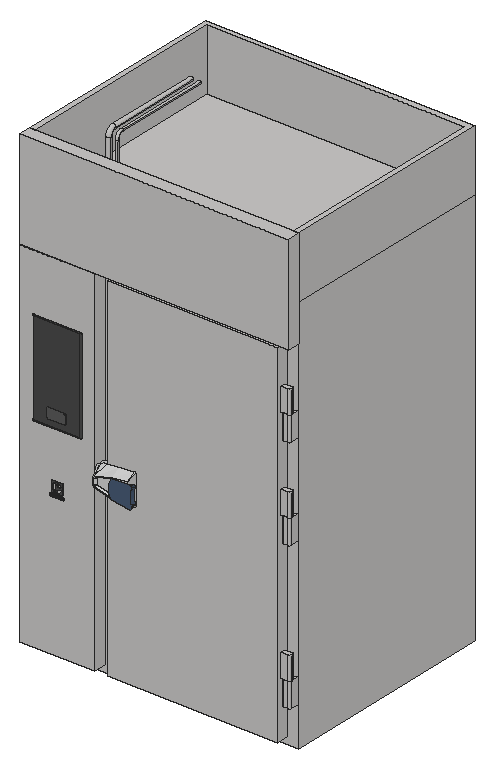
Revit family "QF_ELECTROLUXPROFESSIONAL_727755_EBFA22RE", category Specialty Equipment, Revit 2018
Family settings
  Round Connector Dimension = Use Radius
  Part Type = Normal
  Work Plane-Based = No
  Always vertical = Yes
  Cut with Voids When Loaded = No
  Shared = Yes
  Room Calculation Point = No
Parameters
  Weight = 0.00 kg
  Watts = 0 W
  Volts = 380 V
  URL Manufacturer = "http://professional.electrolux.com"
  URL = "http://professional.electrolux.com"
  Steam Supply Size = 0"
  Steam Supply Minimum Pressure = 0.00 psi
  Steam Supply Maximum Pressure = 0.00 psi
  Steam Pounds per Hour = 0
  Show Logo [instance] = yes
  Refrigeration Suction Line Size = 0"
  Refrigeration Liquid Line Size = 0"
  Refrigerant Compressor Remote = yes
  Phase = 3
  Model = "EBFA22RE"
  Manufacturer = "Electrolux"
  Length Actual = 1400 mm  # constant formula
  Item Number = "727755"
  Hot Water Size = 0"
  Height Actual = 2270 mm  # constant formula
  HP = "8.6 HP"
  Gas Size = 0"
  Gas KW = 0
  Gas Input Pressure = 0.0 Btu/h
  Direct Waste Size = 3/4"
  Description = "SKYLINE CHILLS BLAST CHILLER FREEZER 200/170KG 20 GN 2/1 - ROLL-IN - REMOTE REFRIGERATING UNIT"
  Depth Actual = 1266 mm  # constant formula
  Cycle = 60 Hz
  Condensate Return Size = 0"
  Compressed Air Volume = 0 GPM
  Compressed Air Size = 0"
  Compressed Air Pressure = 0.00 psi
  Cold Water Size = 0"
  Assembly Code = ""
  Show Clearance [instance] = yes
  Accessory = yes
Reference planes
  plane 1 "BACK": y = 1
  plane 2: z = 0
  plane 3 "LEFT": x = 0
  plane 4 "RIGHT": x = 1400
  plane 5 "FRONT": y = -1205
  plane 6 "TOP": z = 2400
  plane 7 "Center Y": x = 700
  plane 8: y = -2155
  plane 9: y = -602
Forms (mm)
  Extrusion 1, solid, material "QF_Clearance", visible <- "Show Clearance", detail levels coarse
    sketch origin (0, 0, -70) x (1, 0, 0) y (0, 1, 0)
      loop
        line (0, -1205) -> (0, 1) -> (1400, 1) -> (1400, -1205) -> (1500, -1205) -> (1500, 101) -> (-100, 101) -> (-100, -1205) -> (0, -1205)
    from 70 to 2670
  Extrusion 2, solid, material "QF_Finishes_Stainless Steel"
    sketch origin (349.253, 33, 630.991) x (-1, 0, 0) y (0, -1, 0)
      loop
        line (349.253, 1172.759) -> (349.253, 1238) -> (-39.747, 1238) -> (-39.747, 1172.759) -> (349.253, 1172.759)
    from -597 to 1254
  Extrusion 3, solid, material "QF_Finishes_Stainless Steel"
    sketch origin (596.16, 27.971, -70) x (1, 0, 0) y (0, 1, 0)
      loop
        line (743.84, -1172.971) -> (-141.16, -1172.971) -> (-141.16, -1232.971) -> (743.84, -1232.971) -> (743.84, -1172.971)
    from 103.991 to 1945.25
  Extrusion 4, solid, material "QF_Door-Drawer Clearances", visible <- "Show Clearance", detail levels coarse
    sketch origin (875, -72.029, -91.802) x (-1, 0, 0) y (0, -1, 0)
      loop
        line (-465, 2025.971) -> (-465, 1132.971) -> (420, 1132.971)
        arc (420, 1132.971) -> (153.836, 1754.227) -> (-465, 2025.971) r 920
    from 125.793 to 1967.052
  Extrusion 5, solid, material "QF_Finishes_Stainless Steel"
    sketch origin (0, -1139.759, 0) x (0, 1, 0) y (-1, 0, 0)
      loop
        line (1140.759, 0) -> (0.759, 0) -> (0.759, -1400) -> (1140.759, -1400) -> (1140.759, 0)
    from 0 to 2080
  Extrusion 6, solid, material "QF_Finishes_Stainless Steel"
    sketch origin (0, 0, -70) x (0, 1, 0) y (0, 0, 1)
      loop
        line (-1139, 2470) -> (-1205, 2470) -> (-1205, 1956) -> (-1139, 1956) -> (-1139, 2470)
    from 0 to 1400
  Extrusion 7, solid, material "QF_Finishes_Stainless Steel"
    sketch origin (0, -1139.759, 2080) x (0, 1, 0) y (-1, 0, 0)
      loop
        line (1140.759, 0) -> (0.759, 0) -> (0.759, -27.807) -> (1112.952, -27.807) -> (1112.952, -1372.193) -> (0.759, -1372.193) -> (0.759, -1400) -> (1140.759, -1400) -> (1140.759, 0)
    from 0 to 320
  Extrusion 8, solid, material "QF_Clearance", visible <- "Show Clearance", detail levels coarse
    sketch origin (0, 0, 2400) x (-1, 0, 0) y (0, -1, 0)
      loop
        line (0, 1205) -> (-1400, 1205) -> (-1400, -1) -> (0, -1) -> (0, 1205)
    from 0 to 200
  Extrusion 9, solid, material "QF_Finishes_Stainless Steel"
    sketch origin (-390.239, -0.977, 1172.559) x (1, 0, 0) y (0, 1, 0)
      loop
        line (1730.239, -1159.557) -> (1730.239, -1186.759) -> (1771.078, -1186.759)
        arc (1771.078, -1186.759) -> (1778.149, -1183.83) -> (1781.078, -1176.759) r 10
        line (1781.078, -1176.759) -> (1781.078, -1169.557)
        arc (1781.078, -1169.557) -> (1778.149, -1162.486) -> (1771.078, -1159.557) r 10
        line (1771.078, -1159.557) -> (1730.239, -1159.557)
    from 398 to 516
  Extrusion 10, solid, material "QF_Finishes_Stainless Steel"
    sketch origin (-388.989, -0.977, 1172.559) x (1, 0, 0) y (0, 1, 0)
      loop
        line (1779.828, -1138.023) -> (1738.215, -1138.023) -> (1738.215, -1176.759)
        arc (1738.215, -1176.759) -> (1741.143, -1183.83) -> (1748.215, -1186.759) r 10
        line (1748.215, -1186.759) -> (1769.828, -1186.759)
        arc (1769.828, -1186.759) -> (1776.899, -1183.83) -> (1779.828, -1176.759) r 10
        line (1779.828, -1176.759) -> (1779.828, -1138.023)
    from 269 to 396
  Extrusion 11, solid, material "QF_Finishes_Handrails and Railings"
    sketch origin (0, -1205, -139.705) x (-1, 0, 0) y (0, 0, 1)
      loop
        arc (-455, 1022.346) -> (-433.392, 1027.289) -> (-413, 1035.976) r 124.815
        arc (-413, 1035.976) -> (-402.037, 1046.425) -> (-398, 1061.023) r 28.412
        line (-398, 1061.023) -> (-398, 1124.287)
        arc (-398, 1124.287) -> (-402.037, 1138.885) -> (-413, 1149.334) r 28.412
        arc (-413, 1149.334) -> (-433.392, 1158.021) -> (-455, 1162.964) r 124.815
        line (-455, 1162.964) -> (-455, 1022.346)
    from 0 to 25
  Extrusion 12, solid, material "QF_Finishes_Stainless Steel"
    sketch origin (0, 1, -70) x (1, 0, 0) y (0, 0, 1)
      loop
        circle (50.191, 2279.706) r 10
    from -2 to 0
  Extrusion 13, solid
    sketch origin (0, 0, -70) x (1, 0, 0) y (0, 1, 0)
      loop
        circle (271, -895) r 12.7
    from 180 to 190
  Sweep 14, solid, material "QF_Finishes_Stainless Steel"
    path in 3D
      loop
        line (196, -872.727, 2090) -> (196, -872.727, 2314.785)
        arc (196, -872.727, 2314.785) -> (196, -863.94, 2335.999) -> (196, -842.727, 2344.785) r 30
        line (196, -842.727, 2344.785) -> (196, -337, 2344.785)
    profile origin (196, -589.864, 2344.785) x (-1, 0, 0) y (0, 0, 1)
      loop
        circle (0, -0.785) r 11
  Sweep 15, solid, material "QF_Finishes_Stainless Steel"
    path in 3D
      loop
        line (239, -337, 2344) -> (239, -842.727, 2344)
        arc (239, -842.727, 2344) -> (239, -863.94, 2335.213) -> (239, -872.727, 2314) r 30
        line (239, -872.727, 2314) -> (239, -872.727, 2090)
    profile origin (239, -589.864, 2344) x (1, 0, 0) y (0, 0, 1)
      loop
        circle (0, 0) r 6
  Extrusion 16, solid, material "QF_Finishes_Stainless Steel"
    sketch origin (0, -1139.759, 2080) x (0, 1, 0) y (-1, 0, 0)
      loop
        line (272.791, -163.68) -> (262.791, -163.68)
        arc (262.791, -163.68) -> (252.185, -168.074) -> (247.791, -178.68) r 15
        line (247.791, -178.68) -> (247.791, -270.358)
        arc (247.791, -270.358) -> (252.185, -280.965) -> (262.791, -285.358) r 15
        line (262.791, -285.358) -> (272.791, -285.358)
        arc (272.791, -285.358) -> (283.398, -280.965) -> (287.791, -270.358) r 15
        line (287.791, -270.358) -> (287.791, -178.68)
        arc (287.791, -178.68) -> (283.398, -168.074) -> (272.791, -163.68) r 15
    from 0 to 10
  Blend 17, solid, material "QF_Finishes_Handrails and Railings"
    base sketch origin (0, -1205, -139.705) x (1, 0, 0) y (0, 0, 1)
      loop
        arc (455, 1162.964) -> (433.392, 1158.021) -> (413, 1149.334) r 124.815
        arc (413, 1149.334) -> (402.037, 1138.885) -> (398, 1124.287) r 28.412
        line (398, 1124.287) -> (398, 1061.023)
        arc (398, 1061.023) -> (402.037, 1046.425) -> (413, 1035.976) r 28.412
        arc (413, 1035.976) -> (433.392, 1027.289) -> (455, 1022.346) r 124.815
        arc (455, 1022.346) -> (524.77, 1014.896) -> (594.859, 1011.587) r 1185.63
        arc (594.859, 1011.587) -> (600.607, 1013.879) -> (603, 1019.586) r 8
        line (603, 1019.586) -> (603, 1165.724)
        arc (603, 1165.724) -> (600.607, 1171.431) -> (594.859, 1173.723) r 8
        arc (594.859, 1173.723) -> (524.77, 1170.414) -> (455, 1162.964) r 1185.63
    top sketch origin (0, -1205, -139.705) x (1, 0, 0) y (0, 0, 1)
      loop
        line (421, 1108.337) -> (421, 1076.973)
        arc (421, 1076.973) -> (423.295, 1069.915) -> (429.302, 1065.557) r 12
        arc (429.302, 1065.557) -> (515.086, 1044.22) -> (603, 1034.974) r 636.459
        line (603, 1034.974) -> (603, 1150.336)
        arc (603, 1150.336) -> (515.086, 1141.09) -> (429.302, 1119.753) r 636.459
        arc (429.302, 1119.753) -> (423.295, 1115.395) -> (421, 1108.337) r 12
    from 0 to 50
  Blend 18, void
    base sketch origin (0, -1255, -139.705) x (-1, 0, 0) y (0, 0, 1)
      loop
        arc (-430.843, 1114.996) -> (-515.866, 1136.151) -> (-603, 1145.333) r 631.459
        line (-603, 1145.333) -> (-603, 1039.977)
        arc (-603, 1039.977) -> (-515.866, 1049.159) -> (-430.843, 1070.314) r 631.459
        arc (-430.843, 1070.314) -> (-427.339, 1072.856) -> (-426, 1076.973) r 7
        line (-426, 1076.973) -> (-426, 1108.337)
        arc (-426, 1108.337) -> (-427.339, 1112.454) -> (-430.843, 1114.996) r 7
    top sketch origin (0, -1255, -139.705) x (-1, 0, 0) y (0, 0, 1)
      loop
        arc (-432.384, 1110.24) -> (-516.647, 1131.211) -> (-603, 1140.33) r 626.459
        line (-603, 1140.33) -> (-603, 1044.98)
        arc (-603, 1044.98) -> (-516.647, 1054.099) -> (-432.384, 1075.07) r 626.459
        arc (-432.384, 1075.07) -> (-431.382, 1075.797) -> (-431, 1076.973) r 2
        line (-431, 1076.973) -> (-431, 1108.337)
        arc (-431, 1108.337) -> (-431.382, 1109.513) -> (-432.384, 1110.24) r 2
    from 0 to 10
  Blend 19, solid, material "QF_Finishes_Electrolux_Blue"
    base sketch origin (0, -1245, -139.705) x (1, 0, 0) y (0, 0, 1)
      loop
        arc (628.567, 1043.419) -> (622.014, 1092.655) -> (628.567, 1141.89) r 188.232
        arc (628.567, 1141.89) -> (627.358, 1147.991) -> (621.77, 1150.721) r 7
        arc (621.77, 1150.721) -> (572.304, 1148.509) -> (523.16, 1142.458) r 636.459
        arc (523.16, 1142.458) -> (507.711, 1092.655) -> (523.16, 1042.852) r 88
        arc (523.16, 1042.852) -> (572.304, 1036.801) -> (621.77, 1034.589) r 636.459
        arc (621.77, 1034.589) -> (627.358, 1037.319) -> (628.567, 1043.419) r 7
    top sketch origin (0, -1245, -139.705) x (1, 0, 0) y (0, 0, 1)
      loop
        arc (626.748, 1050.703) -> (622.014, 1092.655) -> (626.748, 1134.607) r 188.232
        arc (626.748, 1134.607) -> (625.775, 1138.85) -> (621.845, 1140.722) r 5
        arc (621.845, 1140.722) -> (569.023, 1138.185) -> (516.603, 1131.203) r 626.459
        arc (516.603, 1131.203) -> (507.711, 1092.655) -> (516.603, 1054.107) r 88
        arc (516.603, 1054.107) -> (569.023, 1047.124) -> (621.845, 1044.588) r 626.459
        arc (621.845, 1044.588) -> (625.775, 1046.46) -> (626.748, 1050.703) r 5
    from 20 to 0
  Extrusion 20, solid, material "QF_Finishes_Stainless Steel"
    sketch origin (-390.239, -0.977, 692.559) x (1, 0, 0) y (0, 1, 0)
      loop
        line (1730.239, -1159.557) -> (1730.239, -1186.759) -> (1771.078, -1186.759)
        arc (1771.078, -1186.759) -> (1778.149, -1183.83) -> (1781.078, -1176.759) r 10
        line (1781.078, -1176.759) -> (1781.078, -1169.557)
        arc (1781.078, -1169.557) -> (1778.149, -1162.486) -> (1771.078, -1159.557) r 10
        line (1771.078, -1159.557) -> (1730.239, -1159.557)
    from 398 to 516
  Extrusion 21, solid, material "QF_Finishes_Stainless Steel"
    sketch origin (-388.989, -0.977, 692.559) x (1, 0, 0) y (0, 1, 0)
      loop
        line (1779.828, -1138.023) -> (1738.215, -1138.023) -> (1738.215, -1176.759)
        arc (1738.215, -1176.759) -> (1741.143, -1183.83) -> (1748.215, -1186.759) r 10
        line (1748.215, -1186.759) -> (1769.828, -1186.759)
        arc (1769.828, -1186.759) -> (1776.899, -1183.83) -> (1779.828, -1176.759) r 10
        line (1779.828, -1176.759) -> (1779.828, -1138.023)
    from 269 to 396
  Extrusion 22, solid, material "QF_Finishes_Stainless Steel"
    sketch origin (-390.239, -0.977, -67.441) x (1, 0, 0) y (0, 1, 0)
      loop
        line (1730.239, -1159.557) -> (1730.239, -1186.759) -> (1771.078, -1186.759)
        arc (1771.078, -1186.759) -> (1778.149, -1183.83) -> (1781.078, -1176.759) r 10
        line (1781.078, -1176.759) -> (1781.078, -1169.557)
        arc (1781.078, -1169.557) -> (1778.149, -1162.486) -> (1771.078, -1159.557) r 10
        line (1771.078, -1159.557) -> (1730.239, -1159.557)
    from 398 to 516
  Extrusion 23, solid, material "QF_Finishes_Stainless Steel"
    sketch origin (-388.989, -0.977, -67.441) x (1, 0, 0) y (0, 1, 0)
      loop
        line (1779.828, -1138.023) -> (1738.215, -1138.023) -> (1738.215, -1176.759)
        arc (1738.215, -1176.759) -> (1741.143, -1183.83) -> (1748.215, -1186.759) r 10
        line (1748.215, -1186.759) -> (1769.828, -1186.759)
        arc (1769.828, -1186.759) -> (1776.899, -1183.83) -> (1779.828, -1176.759) r 10
        line (1779.828, -1176.759) -> (1779.828, -1138.023)
    from 269 to 396
  Extrusion 24, solid, material "QF_Door-Drawer Clearances", visible <- "Show Clearance", detail levels coarse
    sketch origin (167.029, -1956.84, -70) x (0, 1, 0) y (-1, 0, 0)
      loop
        line (751.84, -1172.971) -> (-141.16, -1172.971) -> (-141.16, -1232.971) -> (751.84, -1232.971) -> (751.84, -1172.971)
    from 103.991 to 1945.25
  Extrusion 25, solid, material "QF_Door-Drawer Clearances", visible <- "Show Clearance", detail levels coarse
    sketch origin (1400, -2553, -139.705) x (0, -1, 0) y (0, 0, 1)
      loop
        arc (-455, 1022.346) -> (-433.392, 1027.289) -> (-413, 1035.976) r 124.815
        arc (-413, 1035.976) -> (-402.037, 1046.425) -> (-398, 1061.023) r 28.412
        line (-398, 1061.023) -> (-398, 1124.287)
        arc (-398, 1124.287) -> (-402.037, 1138.885) -> (-413, 1149.334) r 28.412
        arc (-413, 1149.334) -> (-433.392, 1158.021) -> (-455, 1162.964) r 124.815
        line (-455, 1162.964) -> (-455, 1022.346)
    from 0 to 25
  Blend 26, solid, material "QF_Door-Drawer Clearances", visible <- "Show Clearance", detail levels coarse
    base sketch origin (1400, -2553, -139.705) x (0, 1, 0) y (0, 0, 1)
      loop
        arc (455, 1162.964) -> (433.392, 1158.021) -> (413, 1149.334) r 124.815
        arc (413, 1149.334) -> (402.037, 1138.885) -> (398, 1124.287) r 28.412
        line (398, 1124.287) -> (398, 1061.023)
        arc (398, 1061.023) -> (402.037, 1046.425) -> (413, 1035.976) r 28.412
        arc (413, 1035.976) -> (433.392, 1027.289) -> (455, 1022.346) r 124.815
        arc (455, 1022.346) -> (524.77, 1014.896) -> (594.859, 1011.587) r 1185.63
        arc (594.859, 1011.587) -> (600.607, 1013.879) -> (603, 1019.586) r 8
        line (603, 1019.586) -> (603, 1165.724)
        arc (603, 1165.724) -> (600.607, 1171.431) -> (594.859, 1173.723) r 8
        arc (594.859, 1173.723) -> (524.77, 1170.414) -> (455, 1162.964) r 1185.63
    top sketch origin (1400, -2553, -139.705) x (0, 1, 0) y (0, 0, 1)
      loop
        line (421, 1108.337) -> (421, 1076.973)
        arc (421, 1076.973) -> (423.295, 1069.915) -> (429.302, 1065.557) r 12
        arc (429.302, 1065.557) -> (515.086, 1044.22) -> (603, 1034.974) r 636.459
        line (603, 1034.974) -> (603, 1150.336)
        arc (603, 1150.336) -> (515.086, 1141.09) -> (429.302, 1119.753) r 636.459
        arc (429.302, 1119.753) -> (423.295, 1115.395) -> (421, 1108.337) r 12
    from 0 to 50
  Blend 27, void
    base sketch origin (1450, -2553, -139.705) x (0, -1, 0) y (0, 0, 1)
      loop
        arc (-430.843, 1114.996) -> (-515.866, 1136.151) -> (-603, 1145.333) r 631.459
        line (-603, 1145.333) -> (-603, 1039.977)
        arc (-603, 1039.977) -> (-515.866, 1049.159) -> (-430.843, 1070.314) r 631.459
        arc (-430.843, 1070.314) -> (-427.339, 1072.856) -> (-426, 1076.973) r 7
        line (-426, 1076.973) -> (-426, 1108.337)
        arc (-426, 1108.337) -> (-427.339, 1112.454) -> (-430.843, 1114.996) r 7
    top sketch origin (1450, -2553, -139.705) x (0, -1, 0) y (0, 0, 1)
      loop
        arc (-432.384, 1110.24) -> (-516.647, 1131.211) -> (-603, 1140.33) r 626.459
        line (-603, 1140.33) -> (-603, 1044.98)
        arc (-603, 1044.98) -> (-516.647, 1054.099) -> (-432.384, 1075.07) r 626.459
        arc (-432.384, 1075.07) -> (-431.382, 1075.797) -> (-431, 1076.973) r 2
        line (-431, 1076.973) -> (-431, 1108.337)
        arc (-431, 1108.337) -> (-431.382, 1109.513) -> (-432.384, 1110.24) r 2
    from 0 to 10
  Blend 28, solid, material "QF_Door-Drawer Clearances", visible <- "Show Clearance", detail levels coarse
    base sketch origin (1440, -2553, -139.705) x (0, 1, 0) y (0, 0, 1)
      loop
        arc (628.567, 1043.419) -> (622.014, 1092.655) -> (628.567, 1141.89) r 188.232
        arc (628.567, 1141.89) -> (627.358, 1147.991) -> (621.77, 1150.721) r 7
        arc (621.77, 1150.721) -> (572.304, 1148.509) -> (523.16, 1142.458) r 636.459
        arc (523.16, 1142.458) -> (507.711, 1092.655) -> (523.16, 1042.852) r 88
        arc (523.16, 1042.852) -> (572.304, 1036.801) -> (621.77, 1034.589) r 636.459
        arc (621.77, 1034.589) -> (627.358, 1037.319) -> (628.567, 1043.419) r 7
    top sketch origin (1440, -2553, -139.705) x (0, 1, 0) y (0, 0, 1)
      loop
        arc (626.748, 1050.703) -> (622.014, 1092.655) -> (626.748, 1134.607) r 188.232
        arc (626.748, 1134.607) -> (625.775, 1138.85) -> (621.845, 1140.722) r 5
        arc (621.845, 1140.722) -> (569.023, 1138.185) -> (516.603, 1131.203) r 626.459
        arc (516.603, 1131.203) -> (507.711, 1092.655) -> (516.603, 1054.107) r 88
        arc (516.603, 1054.107) -> (569.023, 1047.124) -> (621.845, 1044.588) r 626.459
        arc (621.845, 1044.588) -> (625.775, 1046.46) -> (626.748, 1050.703) r 5
    from 20 to -1
Cuts and joins
  Blend 18 cuts Blend 17
  joined: Extrusion 11, Blend 17
  Blend 18 cuts Extrusion 4
  Blend 27 cuts Blend 26
  Blend 27 cuts Blend 28
  joined: Extrusion 4, Extrusion 24, Extrusion 25, Blend 26, Blend 28
  joined: Extrusion 7, Extrusion 12
  joined: Extrusion 5, Extrusion 10, Sweep 14, Sweep 15, Extrusion 16, Extrusion 21, Extrusion 23
  joined: Extrusion 3, Extrusion 9, Extrusion 20, Extrusion 22
  joined: Extrusion 1, Extrusion 8
Lines and regions (mm)
  symbolic lines, style "QF-Clearances", visible <- "Show Clearance", detail levels coarse
    curve 1: line (-100, -1204.241, 70) -> (-100, 101, 70)
    curve 2: line (-100, 101, 70) -> (1500, 101, 70)
    curve 3: line (1500, 101, 70) -> (1500, -1204.241, 70)
  symbolic lines
    curve 4: line (185, -336.968, 70) -> (207, -336.968, 70)
    curve 5: line (207, -336.968, 70) -> (207, -871.942, 70)
    curve 6: line (233, -872.727, 70) -> (233, -337, 70)
    curve 7: line (233, -337, 70) -> (245, -337, 70)
    curve 8: line (245, -337, 70) -> (245, -872.727, 70)
    curve 9: line (245, -851.968, 70) -> (270.358, -851.968, 70)
    curve 10: arc (285.358, -866.968, 70) -> (280.965, -856.361, 70) -> (270.358, -851.968, 70) r 15
    curve 11: line (285.358, -876.968, 70) -> (285.358, -866.968, 70)
    curve 12: arc (270.358, -891.968, 70) -> (280.965, -887.575, 70) -> (285.358, -876.968, 70) r 15
    curve 13: line (178.68, -891.968, 70) -> (270.358, -891.968, 70)
    curve 14: arc (163.68, -876.968, 70) -> (168.074, -887.575, 70) -> (178.68, -891.968, 70) r 15
    curve 15: line (163.68, -866.968, 70) -> (163.68, -876.968, 70)
    curve 16: arc (178.68, -851.968, 70) -> (168.074, -856.361, 70) -> (163.68, -866.968, 70) r 15
    curve 17: arc (207, -871.942, 70) -> (196, -882.942, 70) -> (185, -871.942, 70) r 11
    curve 18: arc (233, -872.727, 70) -> (239, -878.727, 70) -> (245, -872.727, 70) r 6
    curve 19: line (178.68, -851.968, 70) -> (185, -851.968, 70)
    curve 20: line (185, -336.968, 70) -> (185, -871.942, 70)
    curve 21: line (207, -851.968, 70) -> (233, -851.968, 70)
    curve 22: line (0, 1, 70) -> (1400, 1, 70)
    curve 23: line (0, -1205, 70) -> (0, 1, 70)
    curve 24: line (1400, -1205, 70) -> (0, -1205, 70)
    curve 25: line (1400, 1, 70) -> (1400, -1205, 70)
    curve 26: line (27.807, -26.807, 70) -> (1372.193, -26.807, 70)
    curve 27: line (27.807, -1139, 70) -> (27.807, -26.807, 70)
    curve 28: line (1400, -1139, 70) -> (0, -1139, 70)
    curve 29: line (1372.193, -26.807, 70) -> (1372.193, -1139, 70)
    curve 30: line (75.5, -1210, 70) -> (313.5, -1210, 70)
    curve 31: line (75.5, -1210, 70) -> (67.5, -1205, 70)
    curve 32: line (313.5, -1210, 70) -> (321.5, -1205, 70)
    curve 33: line (421, -1255, 70) -> (398, -1205, 70)
    curve 34: line (421, -1255, 70) -> (603, -1255, 70)
    curve 35: line (603, -1255, 70) -> (603, -1205, 70)
    curve 36: line (603, -1245, 70) -> (626.748, -1245, 70)
    curve 37: line (626.748, -1245, 70) -> (628.811, -1265, 70)
    curve 38: line (628.811, -1265, 70) -> (507.711, -1265, 70)
    curve 39: line (507.711, -1265, 70) -> (507.711, -1255, 70)
  symbolic lines, style "QF_Door-Drawer Clearances", visible <- "Show Clearance"
    curve 40: line (1450, -2132, 70) -> (1400, -2155, 70)
    curve 41: line (1450, -2132, 70) -> (1450, -1950, 70)
    curve 42: line (1450, -1950, 70) -> (1400, -1950, 70)
    curve 43: line (1439, -1950, 70) -> (1439, -1926.126, 70)
    curve 44: line (1439, -1926.126, 70) -> (1460, -1924.189, 70)
    curve 45: line (1460, -1924.189, 70) -> (1460, -2045.289, 70)
    curve 46: line (1460, -2045.289, 70) -> (1450, -2045.289, 70)
    curve 47: line (1375, -2098, 70) -> (1375, -2155, 70)
    curve 48: line (1340, -2098, 70) -> (1400, -2098, 70)
    curve 49: arc (457.796, -1255, 70) -> (739.031, -1843.801, 70) -> (1340, -2098, 70) r 920
    curve 50: line (1400, -2155, 70) -> (1375, -2155, 70)
    curve 51: line (1400, -2098, 70) -> (1400, -1205, 70)
    curve 58: line (1340, -2098, 70) -> (1340, -1205, 70)
  sketch lines
    curve 52: line (196, -842.727, 2344.785) -> (196, -337, 2344.785)
    curve 53: arc (196, -872.727, 2314.785) -> (196, -863.94, 2335.999) -> (196, -842.727, 2344.785) r 30
    curve 54: line (196, -872.727, 2090) -> (196, -872.727, 2314.785)
    curve 55: line (239, -337, 2344) -> (239, -842.727, 2344)
    curve 56: arc (239, -842.727, 2344) -> (239, -863.94, 2335.213) -> (239, -872.727, 2314) r 30
    curve 57: line (239, -872.727, 2314) -> (239, -872.727, 2090)
Dimensions and locks
  plane 5 "FRONT" to plane 1 "BACK" = 1206 mm
  plane 6 "TOP" to level = 2400 mm
  plane 4 "RIGHT" to plane 3 "LEFT" = 1400 mm
  plane 3 "LEFT" to plane 4 "RIGHT" = 1400 mm
  equal spacing: plane 3 "LEFT", plane 7 "Center Y", plane 4 "RIGHT"
  plane 1 "BACK" to plane 5 "FRONT" = 1206 mm
  aligned and locked: level to plane 2
Automatic sketch dimensions
  plane 5 "FRONT" to Extrusion 1 sketch curve = 0 mm  (x2)
  Extrusion 1 sketch curve to plane 3 "LEFT" = 0 mm
  plane 1 "BACK" to Extrusion 1 sketch curve = 0 mm
  Extrusion 1 sketch curve to plane 4 "RIGHT" = 0 mm
  Extrusion 1 sketch curve to plane 3 "LEFT" = 100 mm
  plane 4 "RIGHT" to Extrusion 1 sketch curve = 100 mm
  Extrusion 1 sketch curve to plane 1 "BACK" = 100 mm
  plane 5 "FRONT" to Extrusion 2 sketch curve = 0 mm
  Extrusion 2 sketch curve to plane 3 "LEFT" = 0 mm
  Extrusion 2 sketch curve to plane 5 "FRONT" = 65.241 mm
  plane 5 "FRONT" to Extrusion 3 sketch curve = 0 mm
  Extrusion 3 sketch curve to plane 5 "FRONT" = 60 mm
  Extrusion 3 sketch curve to plane 4 "RIGHT" = 60 mm
  plane 5 "FRONT" to Extrusion 4 sketch curve = 0 mm
  Extrusion 4 sketch curve to plane 4 "RIGHT" = 25.377 mm
  Extrusion 4 sketch curve to Extrusion 4 sketch curve = 34.623 mm
  Extrusion 4 sketch curve to plane 5 "FRONT" = 26.348 mm
  Extrusion 5 sketch curve to plane 3 "LEFT" = 0 mm
  Extrusion 5 sketch curve to plane 4 "RIGHT" = 0 mm
  plane 1 "BACK" to Extrusion 5 sketch curve = 0 mm
  Extrusion 5 sketch curve to plane 5 "FRONT" = 66 mm
  Extrusion 6 sketch curve to plane 5 "FRONT" = 0 mm
  Extrusion 6 sketch curve to plane 5 "FRONT" = 66 mm
  Extrusion 6 sketch curve to plane 6 "TOP" = 514 mm
  plane 6 "TOP" to Extrusion 6 sketch curve = 0 mm
  Extrusion 5 to Extrusion 7 sketch curve = 0 mm
  Extrusion 7 sketch curve to Extrusion 5 = 0 mm  (x4)
  Extrusion 7 sketch curve to Extrusion 5 = 27.807 mm  (x3)
  Extrusion 8 sketch curve to plane 4 "RIGHT" = 0 mm
  plane 1 "BACK" to Extrusion 8 sketch curve = 0 mm
  Extrusion 8 sketch curve to plane 3 "LEFT" = 0 mm
  plane 5 "FRONT" to Extrusion 8 sketch curve = 0 mm
  Extrusion 9 sketch curve to plane 5 "FRONT" = 17.264 mm
  Extrusion 9 sketch curve to plane 4 "RIGHT" = 60 mm
  Extrusion 9 sketch curve to plane 4 "RIGHT" = 19.161 mm
  Extrusion 9 sketch curve to Extrusion 9 sketch curve = 0 mm
  Extrusion 9 sketch curve to plane 4 "RIGHT" = 9.161 mm
  Extrusion 9 sketch curve to Extrusion 9 sketch curve = 7.202 mm
  Extrusion 10 sketch curve to plane 5 "FRONT" = 27.264 mm
  Extrusion 10 sketch curve to plane 4 "RIGHT" = 50.775 mm
  Extrusion 10 sketch curve to Extrusion 10 sketch curve = 10 mm
  Extrusion 10 sketch curve to plane 4 "RIGHT" = 19.161 mm
  Extrusion 10 sketch curve to plane 4 "RIGHT" = 9.161 mm
  Extrusion 10 sketch curve to Extrusion 10 sketch curve = 38.736 mm
  plane 7 "Center Y" to Extrusion 11 sketch curve = 228.081 mm
  Extrusion 11 sketch curve to Extrusion 11 sketch curve = 0 mm
  Extrusion 11 sketch curve to Extrusion 11 sketch curve = 16.919 mm
  Extrusion 11 sketch curve to Extrusion 11 sketch curve = 28.588 mm  (x2)
  Extrusion 11 sketch curve to Extrusion 11 sketch curve = 28.412 mm
  level to Extrusion 11 sketch curve = 882.641 mm
  Extrusion 11 sketch curve to Extrusion 11 sketch curve = 16.954 mm  (x2)
  Extrusion 11 sketch curve to Extrusion 11 sketch curve = 38.676 mm
  Extrusion 11 sketch curve to Extrusion 11 sketch curve = 63.265 mm
  Extrusion 11 sketch curve to Extrusion 11 sketch curve = 21.722 mm
  plane 3 "LEFT" to Extrusion 12 sketch curve = 50.191 mm
  Extrusion 12 sketch curve to plane 6 "TOP" = 190.294 mm
  Extrusion 13 sketch curve to plane 9 = 293 mm
  Sweep 14 sketch curve to profile plane = 0 mm
  Sweep 14 sketch curve to profile plane = 0.785 mm
  profile plane to Sweep 15 sketch curve = 0 mm
  Sweep 15 sketch curve to profile plane = 0 mm
  Extrusion 16 sketch curve to Extrusion 5 = 247.032 mm
  Extrusion 16 sketch curve to Extrusion 16 sketch curve = 15 mm  (x3)
  Extrusion 16 sketch curve to Extrusion 16 sketch curve = 10 mm  (x2)
  Extrusion 16 sketch curve to Extrusion 5 = 285.358 mm
  Extrusion 16 sketch curve to Extrusion 16 sketch curve = 91.678 mm
  Blend 17 sketch curve to Extrusion 11 = 0 mm  (x4)
  Blend 17 sketch curve to Extrusion 11 = 28.412 mm
  Blend 17 sketch curve to Blend 17 sketch curve = 123.081 mm  (x2)
  Blend 17 sketch curve to Blend 17 sketch curve = 8 mm
  Extrusion 11 to Blend 17 sketch curve = 160.712 mm  (x2)
  Blend 17 sketch curve to Blend 17 sketch curve = 19.715 mm  (x2)
  Blend 17 sketch curve to Blend 17 sketch curve = 38.676 mm
  Blend 17 sketch curve to Extrusion 11 = 23 mm
  Blend 17 sketch curve to Blend 17 sketch curve = 12 mm  (x2)
  Extrusion 11 to Blend 17 sketch curve = 148 mm
  Extrusion 11 to Blend 17 sketch curve = 170.45 mm  (x2)
  Blend 17 sketch curve to Blend 17 sketch curve = 520.701 mm  (x2)
  Blend 17 sketch curve to Blend 17 sketch curve = 41.999 mm
  Blend 17 sketch curve to Blend 17 sketch curve = 31.364 mm
  Blend 17 sketch curve to Blend 17 sketch curve = 115.362 mm
  Blend 17 to Blend 18 sketch curve = 0 mm  (x2)
  Blend 18 sketch curve to Blend 18 sketch curve = 7 mm
  Blend 18 sketch curve to Blend 18 sketch curve = 31.364 mm  (x2)
  Blend 18 sketch curve to Blend 18 sketch curve = 2 mm
  Blend 18 to Blend 19 sketch curve = 18.811 mm  (x2)
  Blend 19 sketch curve to Blend 18 = 7.289 mm  (x2)
  Blend 19 sketch curve to Blend 19 sketch curve = 188.435 mm
  Blend 19 sketch curve to Blend 19 sketch curve = 7 mm  (x2)
  Blend 19 sketch curve to Blend 19 sketch curve = 51.066 mm  (x2)
  Blend 19 sketch curve to Blend 19 sketch curve = 0 mm  (x6)
  Blend 19 sketch curve to Blend 18 = 79.84 mm
  Blend 18 to Blend 19 sketch curve = 18.874 mm  (x2)
  Blend 19 sketch curve to Blend 19 sketch curve = 188.371 mm
  Blend 19 sketch curve to Blend 19 sketch curve = 5 mm  (x2)
  Blend 19 sketch curve to Blend 19 sketch curve = 43.067 mm  (x2)
  Blend 19 sketch curve to Blend 18 = 85.603 mm
  Extrusion 20 sketch curve to plane 5 "FRONT" = 17.264 mm
  Extrusion 20 sketch curve to plane 4 "RIGHT" = 60 mm
  Extrusion 20 sketch curve to plane 4 "RIGHT" = 19.161 mm
  Extrusion 20 sketch curve to Extrusion 20 sketch curve = 0 mm
  Extrusion 20 sketch curve to plane 4 "RIGHT" = 9.161 mm
  Extrusion 20 sketch curve to Extrusion 20 sketch curve = 7.202 mm
  Extrusion 21 sketch curve to plane 5 "FRONT" = 27.264 mm
  Extrusion 21 sketch curve to plane 4 "RIGHT" = 50.775 mm
  Extrusion 21 sketch curve to Extrusion 21 sketch curve = 10 mm
  Extrusion 21 sketch curve to plane 4 "RIGHT" = 19.161 mm
  Extrusion 21 sketch curve to plane 4 "RIGHT" = 9.161 mm
  Extrusion 21 sketch curve to Extrusion 21 sketch curve = 38.736 mm
  Extrusion 22 sketch curve to plane 5 "FRONT" = 17.264 mm
  Extrusion 22 sketch curve to plane 4 "RIGHT" = 60 mm
  Extrusion 22 sketch curve to plane 4 "RIGHT" = 19.161 mm
  Extrusion 22 sketch curve to Extrusion 22 sketch curve = 0 mm
  Extrusion 22 sketch curve to plane 4 "RIGHT" = 9.161 mm
  Extrusion 22 sketch curve to Extrusion 22 sketch curve = 7.202 mm
  Extrusion 23 sketch curve to plane 5 "FRONT" = 27.264 mm
  Extrusion 23 sketch curve to plane 4 "RIGHT" = 50.775 mm
  Extrusion 23 sketch curve to Extrusion 23 sketch curve = 10 mm
  Extrusion 23 sketch curve to plane 4 "RIGHT" = 19.161 mm
  Extrusion 23 sketch curve to plane 4 "RIGHT" = 9.161 mm
  Extrusion 23 sketch curve to Extrusion 23 sketch curve = 38.736 mm
  Extrusion 24 sketch curve to plane 4 "RIGHT" = 0 mm
  plane 5 "FRONT" to Extrusion 24 sketch curve = 0 mm
  Extrusion 24 sketch curve to plane 8 = 57 mm
  Extrusion 24 sketch curve to plane 4 "RIGHT" = 60 mm
  Extrusion 25 sketch curve to plane 8 = 0 mm
  Extrusion 25 sketch curve to Extrusion 25 sketch curve = 28.412 mm  (x2)
  Extrusion 25 sketch curve to Extrusion 25 sketch curve = 28.588 mm
  Extrusion 25 sketch curve to Extrusion 25 sketch curve = 16.919 mm  (x2)
  level to Extrusion 25 sketch curve = 882.641 mm
  Extrusion 25 sketch curve to Extrusion 25 sketch curve = 16.954 mm  (x2)
  Extrusion 25 sketch curve to Extrusion 25 sketch curve = 38.676 mm
  Extrusion 25 sketch curve to Extrusion 25 sketch curve = 63.265 mm
  Extrusion 25 sketch curve to Extrusion 25 sketch curve = 21.722 mm
  Blend 26 sketch curve to Extrusion 25 = 0 mm  (x4)
  Blend 26 sketch curve to Extrusion 25 = 28.412 mm
  Blend 26 sketch curve to Blend 26 sketch curve = 123.081 mm  (x2)
  Blend 26 sketch curve to Blend 26 sketch curve = 8 mm
  Extrusion 25 to Blend 26 sketch curve = 160.712 mm  (x2)
  Blend 26 sketch curve to Blend 26 sketch curve = 19.715 mm  (x2)
  Blend 26 sketch curve to Blend 26 sketch curve = 38.676 mm
  Blend 26 sketch curve to Extrusion 25 = 23 mm
  Blend 26 sketch curve to Blend 26 sketch curve = 12 mm  (x2)
  Extrusion 25 to Blend 26 sketch curve = 148 mm
  Extrusion 25 to Blend 26 sketch curve = 170.45 mm  (x2)
  Blend 26 sketch curve to Blend 26 sketch curve = 520.701 mm  (x2)
  Blend 26 sketch curve to Blend 26 sketch curve = 41.999 mm
  Blend 26 sketch curve to Blend 26 sketch curve = 31.364 mm
  Blend 26 sketch curve to Blend 26 sketch curve = 115.362 mm
  Blend 27 sketch curve to Blend 26 = 0 mm  (x2)
  Blend 27 sketch curve to Blend 27 sketch curve = 7 mm
  Blend 27 sketch curve to Blend 27 sketch curve = 31.364 mm  (x2)
  Blend 27 sketch curve to Blend 27 sketch curve = 2 mm
  Blend 27 to Blend 28 sketch curve = 18.811 mm  (x2)
  Blend 28 sketch curve to Blend 27 = 7.289 mm  (x2)
  Blend 28 sketch curve to Blend 28 sketch curve = 188.435 mm
  Blend 28 sketch curve to Blend 28 sketch curve = 7 mm  (x2)
  Blend 28 sketch curve to Blend 28 sketch curve = 51.066 mm  (x2)
  Blend 28 sketch curve to Blend 28 sketch curve = 0 mm  (x6)
  Blend 28 sketch curve to Blend 27 = 79.84 mm
  Blend 27 to Blend 28 sketch curve = 18.874 mm  (x2)
  Blend 28 sketch curve to Blend 28 sketch curve = 188.371 mm
  Blend 28 sketch curve to Blend 28 sketch curve = 5 mm  (x2)
  Blend 28 sketch curve to Blend 28 sketch curve = 43.067 mm  (x2)
  Blend 28 sketch curve to Blend 27 = 85.603 mm
  plane 7 "Center Y" to Extrusion 2 sketch curve = 311 mm
  plane 7 "Center Y" to Extrusion 3 sketch curve = 245 mm
  plane 7 "Center Y" to Extrusion 4 sketch curve = 245 mm
  plane 3 "LEFT" to Extrusion 13 sketch curve = 271 mm
  plane 8 to curve 47 = 0 mm
  curve 42 to plane 4 "RIGHT" = 0 mm
  plane 5 "FRONT" to curve 33 = 0 mm
  curve 28 to plane 3 "LEFT" = 0 mm
  plane 1 "BACK" to curve 22 = 0 mm
  curve 50 to plane 4 "RIGHT" = 0 mm
  curve 41 to plane 8 = 23 mm
  curve 48 to plane 8 = 57 mm
  curve 48 to curve 46 = 52.711 mm
  curve 46 to curve 41 = 95.289 mm
  plane 4 "RIGHT" to curve 44 = 39 mm
  curve 43 to curve 44 = 23.874 mm
  curve 43 to curve 45 = 1.937 mm
  plane 5 "FRONT" to curve 37 = 60 mm
  plane 5 "FRONT" to curve 34 = 50 mm
  curve 37 to curve 37 = 20 mm
  plane 5 "FRONT" to curve 30 = 5 mm
  curve 49 to plane 5 "FRONT" = 26.348 mm
  plane 3 "LEFT" to curve 13 = 178.68 mm
  curve 13 to plane 9 = 289.968 mm
  curve 13 to curve 14 = 15 mm
  curve 12 to curve 11 = 15 mm
  curve 12 to curve 18 = 4.241 mm
  curve 14 to curve 17 = 5.026 mm
  curve 14 to curve 15 = 10 mm
  curve 12 to curve 11 = 10 mm
  curve 10 to curve 9 = 15 mm
  curve 16 to curve 19 = 15 mm
  plane 9 to curve 7 = 265 mm
  curve 6 to curve 5 = 0.032 mm
  plane 1 "BACK" to curve 26 = 27.807 mm
  curve 2 to plane 1 "BACK" = 100 mm
  curve 42 to curve 43 = 11 mm
  curve 45 to curve 43 = 21 mm
  plane 4 "RIGHT" to curve 2 = 100 mm
  curve 40 to curve 47 = 25 mm
  curve 49 to plane 4 "RIGHT" = 25.377 mm
  curve 29 to plane 4 "RIGHT" = 27.807 mm
  curve 47 to curve 48 = 35 mm
  plane 7 "Center Y" to curve 37 = 71.189 mm
  curve 37 to curve 36 = 2.062 mm
  curve 36 to curve 34 = 23.748 mm
  curve 39 to curve 49 = 49.915 mm
  curve 49 to curve 33 = 36.796 mm
  curve 33 to curve 30 = 107.5 mm
  curve 11 to curve 16 = 106.678 mm
  curve 12 to curve 8 = 25.358 mm
  curve 8 to curve 18 = 6 mm
  curve 6 to curve 4 = 26 mm
  curve 5 to curve 17 = 11 mm
  plane 3 "LEFT" to curve 30 = 75.5 mm
  plane 3 "LEFT" to curve 27 = 27.807 mm
  curve 1 to plane 3 "LEFT" = 100 mm
  curve 3 to plane 5 "FRONT" = 0.759 mm
  curve 1 to plane 5 "FRONT" = 0.759 mm
  curve 49 to curve 29 = 39.652 mm
  curve 17 to curve 21 = 19.974 mm
  curve 33 to curve 33 = 23 mm
  curve 32 to curve 30 = 8 mm
  curve 30 to curve 31 = 8 mm
  radius of Extrusion 12 sketch curve = 10 mm
  radius of Extrusion 13 sketch curve = 12.7 mm
  radius of Sweep 14 sketch curve = 11 mm
  radius of Sweep 15 sketch curve = 6 mm
  radius of Blend 17 sketch curve to Extrusion 11 = 0 mm  (x3)
  radius of Blend 18 sketch curve to Blend 17 = 5 mm  (x3)
  radius of Blend 18 sketch curve to Blend 17 = 10 mm  (x3)
  radius of Blend 18 to Blend 19 sketch curve = 10 mm  (x2)
  radius of Blend 19 sketch curve to Blend 18 = 0 mm  (x2)
  radius of Blend 26 sketch curve to Extrusion 25 = 0 mm  (x3)
  radius of Blend 27 sketch curve to Blend 26 = 5 mm  (x3)
  radius of Blend 27 sketch curve to Blend 26 = 10 mm  (x3)
  radius of Blend 27 to Blend 28 sketch curve = 10 mm  (x2)
  radius of Blend 28 sketch curve to Blend 27 = 0 mm  (x2)
Nested families
  nested 1: "ELX_Touch" at (194.5, -1205, 1338.103) x (1, 0, 0) z (0, -1, 0), type "ELX_Touch"
  nested 2: "ELX_Logo_S_New" at (194.5, -1205, 779.103) x (1, 0, 0) z (0, -1, 0), visible <- "Show Logo", type "ELX_Logo_S_New"
    with M QF_Finishes_Black
  nested 3: "ELX_Logo_Symbol" at (194.5, -1205, 819.103) x (1, 0, 0) z (0, -1, 0), visible <- "Show Logo", type "ELX_Logo_Symbol"
    with M QF_Finishes_Black
Connectors
  piping at (271, -895, 110), diameter 25.4
    settings: on Extrusion 13, index 5, connector inside diameter 24", connector length 0 mm, flow factor 0, pipe flow 0 GPM, pressure drop 0.00 psi, fitting loss kfactor 0, connector angle 0.00°, fixture units 0, engagement length 0 mm, angle of deflection 0.00°, flow configuration 1, flow direction 2, fitting loss method 0, system type 16, joint type 0, gender type 0, connector reference index -1, connector utility 0, adjustable connector no, is connector primary yes, connector description "Drain"
  electrical at (50.191, 3, 2209.706), driven by "Volts"
    settings: on Extrusion 12, index 6, voltage 380 V, apparent load 0 VA, apparent load phase1 0 VA, apparent load phase2 0 VA, apparent load phase3 0 VA, power factor 1, load classification "Altro", number of poles 1, system type 30, power factor state 1, is connector primary yes, connector utility no, sub classification motor no, connector description "Electrical Connection"
  piping at (239, -337, 2344), diameter 12
    settings: on Sweep 15, index 7, connector inside diameter 24", connector length 0 mm, flow factor 0, pipe flow 0 GPM, pressure drop 0.00 psi, fitting loss kfactor 0, connector angle 0.00°, fixture units 0, engagement length 0 mm, angle of deflection 0.00°, flow configuration 1, flow direction 1, fitting loss method 0, system type 8, joint type 0, gender type 0, connector reference index -1, connector utility 0, adjustable connector no, is connector primary no, connector description "Refrigerant Outlet"
  piping at (196, -337, 2344), diameter 22
    settings: on Sweep 14, index 8, connector inside diameter 24", connector length 0 mm, flow factor 0, pipe flow 0 GPM, pressure drop 0.00 psi, fitting loss kfactor 0, connector angle 0.00°, fixture units 0, engagement length 0 mm, angle of deflection 0.00°, flow configuration 1, flow direction 1, fitting loss method 0, system type 7, joint type 0, gender type 0, connector reference index -1, connector utility 0, adjustable connector no, is connector primary no, connector description "Refrigerant Inlet"
Definition of nested family "ELX_Touch"
  Parameters
    Default Elevation = 1219.2 mm
  Reference planes
    plane 1 "Centro (Fronte/Retro)": y = 0
    plane 2: z = 0
    plane 3 "Centro (Sinistra/Destra)": x = 0
  Forms (mm)
    Extrusion 1, solid
      sketch origin (0, 0, 0) x (1, 0, 0) y (0, 1, 0)
        loop
          line (-1219.2, 1219.2) -> (-1219.2, -1219.2) -> (1219.2, -1219.2) -> (1219.2, 1219.2) -> (-1219.2, 1219.2)
      from 0 to -304.8
    Extrusion 2, solid
      sketch origin (0, 0, 5) x (1, 0, 0) y (0, 1, 0)
        loop
          line (-47, -160) -> (-47, -202)
          arc (-47, -202) -> (-45.536, -205.535) -> (-42, -207) r 5
          line (-42, -207) -> (42, -207)
          arc (42, -207) -> (45.536, -205.535) -> (47, -202) r 5
          line (47, -202) -> (47, -160)
          arc (47, -160) -> (45.536, -156.465) -> (42, -155) r 5
          line (42, -155) -> (-42, -155)
          arc (-42, -155) -> (-45.536, -156.465) -> (-47, -160) r 5
      from 0 to 2
    Blend 3, solid
      base sketch origin (0, 0, 0) x (1, 0, 0) y (0, 1, 0)
        loop
          line (-127, 244) -> (-127, -244)
          arc (-127, -244) -> (-125.536, -247.536) -> (-122, -249) r 5
          line (-122, -249) -> (122, -249)
          arc (122, -249) -> (125.536, -247.536) -> (127, -244) r 5
          line (127, -244) -> (127, 244)
          arc (127, 244) -> (125.536, 247.536) -> (122, 249) r 5
          line (122, 249) -> (-122, 249)
          arc (-122, 249) -> (-125.536, 247.536) -> (-127, 244) r 5
      top sketch origin (0, 0, 0) x (1, 0, 0) y (0, 1, 0)
        loop
          line (-119, -241) -> (119, -241) -> (119, 241) -> (-119, 241) -> (-119, -241)
      from 0 to 5
  Lines and regions (mm)
    Split face 1
      outline origin (0, 0, 5) x (1, 0, 0) y (0, 1, 0)
        loop
          line (-70.506, 46.167) -> (70.506, 46.167) -> (70.506, 214.829) -> (-70.506, 214.829) -> (-70.506, 46.167)
    Split face 2
      outline origin (0, 0, 5) x (1, 0, 0) y (0, 1, 0)
        loop
          line (-47.467, 50.825) -> (47.467, 50.825) -> (47.467, 210.171) -> (-47.467, 210.171) -> (-47.467, 50.825)
    Split face 3
      outline origin (0, 0, 5) x (1, 0, 0) y (0, 1, 0)
        loop
          line (-70.521, -215.33) -> (70.521, -215.33) -> (70.521, -146.67) -> (-70.521, -146.67) -> (-70.521, -215.33)
    Split face 4
      outline origin (0, 0, 5) x (1, 0, 0) y (0, 1, 0)
        loop
          line (-119, 201.163) -> (-70.506, 201.163)
        loop
          line (70.506, 201.163) -> (119, 201.163)
        loop
          line (70.521, -200.849) -> (119, -200.849)
        loop
          line (-119, -200.849) -> (-70.521, -200.849)
  Dimensions and locks
    aligned and locked: plane 2 to Extrusion 1
    aligned and locked: level to Extrusion 1
Definition of nested family "ELX_Logo_S_New"
  Parameters
    Default Elevation = 0 mm
    M [instance] = none
  Reference planes
    plane 1 "Centro (Fronte/Retro)": y = 0
    plane 2: z = 0
    plane 3 "Centro (Sinistra/Destra)": x = 0
  Forms (mm)
    Extrusion 1, solid
      sketch origin (0, 0, 0) x (1, 0, 0) y (0, 1, 0)
        loop
          line (-1219.2, 1219.2) -> (-1219.2, -1219.2) -> (1219.2, -1219.2) -> (1219.2, 1219.2) -> (-1219.2, 1219.2)
      from 0 to -304.8
    Extrusion 2, solid, material <- "M"
      sketch origin (0, 0, 0) x (1, 0, 0) y (0, 1, 0)
        loop
          spline (-32.537, -4.135) -> (-32.702, -4.128) -> (-32.877, -4.105) -> (-33.059, -4.064) -> (-33.242, -4.002) -> (-33.422, -3.916) -> (-33.593, -3.803) -> (-33.751, -3.66) -> (-33.891, -3.486) -> (-34.008, -3.276) -> (-34.098, -3.029) -> (-34.155, -2.741) -> (-34.176, -2.41)
          line (-34.176, -2.41) -> (-34.176, -0.943) -> (-29.331, -0.943) -> (-29.331, 0.928) -> (-34.176, 0.928) -> (-34.176, 3.652) -> (-29.023, 3.652) -> (-29.023, 5.518) -> (-36.159, 5.518) -> (-36.159, -2.326)
          spline (-36.159, -2.326) -> (-36.142, -2.808) -> (-36.088, -3.263) -> (-35.996, -3.688) -> (-35.867, -4.083) -> (-35.698, -4.445) -> (-35.489, -4.773) -> (-35.239, -5.066) -> (-34.946, -5.322) -> (-34.61, -5.539) -> (-34.23, -5.716) -> (-33.804, -5.851) -> (-33.332, -5.943)
          line (-33.332, -5.943) -> (-32.554, -5.999) -> (-28.885, -5.999) -> (-28.885, -4.135) -> (-32.537, -4.135)
        loop
          line (-27.476, 0.076) -> (-27.476, -6.002) -> (-25.492, -6.002) -> (-25.492, 5.521) -> (-27.476, 5.521) -> (-27.476, 0.076)
        loop
          spline (-15.702, -2.321) -> (-15.689, -1.697) -> (-15.749, -1.094) -> (-15.879, -0.516) -> (-16.078, 0.029) -> (-16.341, 0.538) -> (-16.668, 1.004) -> (-17.055, 1.422) -> (-17.5, 1.786) -> (-17.999, 2.091) -> (-18.552, 2.331) -> (-19.154, 2.5) -> (-19.804, 2.594)
          spline (-19.804, 2.594) -> (-20.422, 2.558) -> (-21.009, 2.453) -> (-21.56, 2.28) -> (-22.072, 2.042) -> (-22.54, 1.743) -> (-22.96, 1.385) -> (-23.327, 0.97) -> (-23.638, 0.502) -> (-23.887, -0.018) -> (-24.07, -0.586) -> (-24.183, -1.2) -> (-24.222, -1.857)
          spline (-24.222, -1.857) -> (-24.184, -2.498) -> (-24.074, -3.097) -> (-23.895, -3.652) -> (-23.651, -4.16) -> (-23.344, -4.618) -> (-22.979, -5.023) -> (-22.559, -5.374) -> (-22.087, -5.667) -> (-21.567, -5.899) -> (-21.003, -6.068) -> (-20.397, -6.172) -> (-19.754, -6.207)
          spline (-19.754, -6.207) -> (-19.44, -6.2) -> (-19.13, -6.176) -> (-18.823, -6.135) -> (-18.52, -6.074) -> (-18.221, -5.993) -> (-17.925, -5.89) -> (-17.634, -5.762) -> (-17.346, -5.609) -> (-17.062, -5.43) -> (-16.782, -5.221) -> (-16.506, -4.983) -> (-16.234, -4.713)
          line (-16.234, -4.713) -> (-17.429, -3.55)
          spline (-17.429, -3.55) -> (-17.587, -3.702) -> (-17.745, -3.841) -> (-17.906, -3.967) -> (-18.07, -4.08) -> (-18.239, -4.181) -> (-18.415, -4.268) -> (-18.599, -4.343) -> (-18.792, -4.404) -> (-18.996, -4.452) -> (-19.213, -4.486) -> (-19.443, -4.506) -> (-19.688, -4.513)
          spline (-19.688, -4.513) -> (-20.047, -4.496) -> (-20.383, -4.443) -> (-20.696, -4.358) -> (-20.984, -4.24) -> (-21.246, -4.092) -> (-21.479, -3.915) -> (-21.683, -3.711) -> (-21.856, -3.48) -> (-21.997, -3.224) -> (-22.104, -2.945) -> (-22.176, -2.643) -> (-22.212, -2.321)
          line (-22.212, -2.321) -> (-15.702, -2.321)
        loop
          spline (-17.695, -0.926) -> (-17.714, -0.681) -> (-17.771, -0.445) -> (-17.861, -0.221) -> (-17.984, -0.01) -> (-18.135, 0.184) -> (-18.314, 0.36) -> (-18.516, 0.516) -> (-18.741, 0.648) -> (-18.984, 0.755) -> (-19.244, 0.834) -> (-19.518, 0.883) -> (-19.804, 0.9)
          spline (-19.804, 0.9) -> (-20.11, 0.884) -> (-20.405, 0.835) -> (-20.686, 0.757) -> (-20.95, 0.652) -> (-21.195, 0.521) -> (-21.419, 0.367) -> (-21.618, 0.192) -> (-21.79, -0.003) -> (-21.934, -0.214) -> (-22.045, -0.439) -> (-22.122, -0.678) -> (-22.162, -0.926)
          line (-22.162, -0.926) -> (-17.695, -0.926)
        loop
          spline (-12.669, -1.807) -> (-12.646, -1.438) -> (-12.58, -1.088) -> (-12.472, -0.759) -> (-12.326, -0.455) -> (-12.145, -0.177) -> (-11.93, 0.072) -> (-11.685, 0.289) -> (-11.412, 0.473) -> (-11.114, 0.62) -> (-10.793, 0.728) -> (-10.453, 0.794) -> (-10.095, 0.817)
          spline (-10.095, 0.817) -> (-9.876, 0.81) -> (-9.665, 0.79) -> (-9.464, 0.756) -> (-9.271, 0.709) -> (-9.086, 0.65) -> (-8.908, 0.578) -> (-8.737, 0.495) -> (-8.572, 0.399) -> (-8.414, 0.292) -> (-8.261, 0.173) -> (-8.113, 0.044) -> (-7.969, -0.096)
          line (-7.969, -0.096) -> (-6.741, 1.183)
          spline (-6.741, 1.183) -> (-6.985, 1.427) -> (-7.237, 1.647) -> (-7.496, 1.843) -> (-7.762, 2.015) -> (-8.034, 2.164) -> (-8.312, 2.291) -> (-8.596, 2.397) -> (-8.886, 2.482) -> (-9.181, 2.546) -> (-9.481, 2.592) -> (-9.786, 2.619) -> (-10.095, 2.627)
          spline (-10.095, 2.627) -> (-10.715, 2.589) -> (-11.308, 2.476) -> (-11.871, 2.294) -> (-12.396, 2.046) -> (-12.88, 1.736) -> (-13.316, 1.369) -> (-13.7, 0.949) -> (-14.026, 0.48) -> (-14.289, -0.035) -> (-14.483, -0.59) -> (-14.604, -1.182) -> (-14.645, -1.807)
          spline (-14.645, -1.807) -> (-14.604, -2.431) -> (-14.483, -3.023) -> (-14.289, -3.578) -> (-14.026, -4.093) -> (-13.7, -4.562) -> (-13.316, -4.983) -> (-12.88, -5.35) -> (-12.396, -5.659) -> (-11.871, -5.907) -> (-11.308, -6.09) -> (-10.715, -6.202) -> (-10.095, -6.24)
          spline (-10.095, -6.24) -> (-9.786, -6.232) -> (-9.481, -6.205) -> (-9.181, -6.16) -> (-8.886, -6.095) -> (-8.596, -6.01) -> (-8.312, -5.904) -> (-8.034, -5.777) -> (-7.762, -5.628) -> (-7.496, -5.456) -> (-7.237, -5.26) -> (-6.985, -5.04) -> (-6.741, -4.796)
          line (-6.741, -4.796) -> (-7.969, -3.517)
          spline (-7.969, -3.517) -> (-8.113, -3.657) -> (-8.261, -3.786) -> (-8.414, -3.905) -> (-8.572, -4.012) -> (-8.737, -4.108) -> (-8.908, -4.192) -> (-9.086, -4.263) -> (-9.271, -4.323) -> (-9.464, -4.369) -> (-9.665, -4.403) -> (-9.876, -4.423) -> (-10.095, -4.43)
          spline (-10.095, -4.43) -> (-10.453, -4.408) -> (-10.793, -4.341) -> (-11.114, -4.233) -> (-11.412, -4.086) -> (-11.685, -3.902) -> (-11.93, -3.685) -> (-12.145, -3.436) -> (-12.326, -3.158) -> (-12.472, -2.854) -> (-12.58, -2.526) -> (-12.646, -2.176) -> (-12.669, -1.807)
        loop
          spline (-1.683, -4.138) -> (-1.858, -4.14) -> (-2.045, -4.127) -> (-2.24, -4.095) -> (-2.438, -4.04) -> (-2.633, -3.959) -> (-2.822, -3.85) -> (-2.998, -3.709) -> (-3.157, -3.533) -> (-3.294, -3.318) -> (-3.404, -3.061) -> (-3.483, -2.76) -> (-3.524, -2.411)
          line (-3.524, -2.411) -> (-3.524, 0.529) -> (-1.72, 0.529) -> (-1.72, 2.331) -> (-3.522, 2.331) -> (-3.522, 5.521) -> (-5.506, 5.521) -> (-5.506, -2.523)
          spline (-5.506, -2.523) -> (-5.463, -2.99) -> (-5.386, -3.429) -> (-5.274, -3.839) -> (-5.126, -4.218) -> (-4.941, -4.564) -> (-4.717, -4.877) -> (-4.455, -5.155) -> (-4.153, -5.396) -> (-3.81, -5.599) -> (-3.425, -5.762) -> (-2.998, -5.884) -> (-2.528, -5.964)
          line (-2.528, -5.964) -> (-1.69, -6.002) -> (-1.683, -4.138)
        loop
          spline (4.991, 2.446) -> (4.648, 2.468) -> (4.318, 2.461) -> (4.001, 2.429) -> (3.699, 2.371) -> (3.413, 2.288) -> (3.142, 2.182) -> (2.89, 2.052) -> (2.655, 1.901) -> (2.439, 1.728) -> (2.244, 1.535) -> (2.069, 1.322) -> (1.917, 1.091)
          line (1.917, 1.091) -> (1.917, 2.33) -> (-0.051, 2.33) -> (-0.051, -6.002) -> (1.917, -6.002) -> (1.917, -1.621)
          spline (1.917, -1.621) -> (1.935, -1.288) -> (1.988, -0.979) -> (2.075, -0.693) -> (2.195, -0.432) -> (2.345, -0.197) -> (2.526, 0.01) -> (2.736, 0.189) -> (2.972, 0.338) -> (3.235, 0.456) -> (3.522, 0.541) -> (3.832, 0.594) -> (4.165, 0.611)
          line (4.165, 0.611) -> (4.991, 0.529) -> (4.991, 2.446)
        loop
          spline (14.388, -1.836) -> (14.347, -1.224) -> (14.226, -0.642) -> (14.031, -0.093) -> (13.768, 0.418) -> (13.441, 0.887) -> (13.057, 1.308) -> (12.621, 1.677) -> (12.137, 1.989) -> (11.612, 2.24) -> (11.051, 2.425) -> (10.459, 2.539) -> (9.842, 2.578)
          spline (9.842, 2.578) -> (9.221, 2.539) -> (8.627, 2.425) -> (8.064, 2.24) -> (7.539, 1.989) -> (7.056, 1.677) -> (6.62, 1.308) -> (6.237, 0.887) -> (5.912, 0.418) -> (5.65, -0.093) -> (5.456, -0.642) -> (5.336, -1.224) -> (5.295, -1.836)
          spline (5.295, -1.836) -> (5.336, -2.447) -> (5.456, -3.029) -> (5.65, -3.578) -> (5.912, -4.089) -> (6.237, -4.558) -> (6.62, -4.979) -> (7.056, -5.348) -> (7.539, -5.66) -> (8.064, -5.911) -> (8.627, -6.096) -> (9.221, -6.211) -> (9.842, -6.25)
          spline (9.842, -6.25) -> (10.459, -6.211) -> (11.051, -6.096) -> (11.612, -5.911) -> (12.137, -5.66) -> (12.621, -5.348) -> (13.057, -4.979) -> (13.441, -4.558) -> (13.768, -4.089) -> (14.031, -3.578) -> (14.226, -3.029) -> (14.347, -2.447) -> (14.388, -1.836)
        loop
          spline (12.42, -1.836) -> (12.397, -1.475) -> (12.33, -1.131) -> (12.222, -0.807) -> (12.075, -0.504) -> (11.893, -0.227) -> (11.677, 0.022) -> (11.431, 0.241) -> (11.157, 0.426) -> (10.859, 0.575) -> (10.538, 0.685) -> (10.198, 0.753) -> (9.842, 0.777)
          spline (9.842, 0.777) -> (9.482, 0.753) -> (9.14, 0.685) -> (8.818, 0.575) -> (8.519, 0.426) -> (8.246, 0.241) -> (8.001, 0.022) -> (7.786, -0.227) -> (7.605, -0.504) -> (7.459, -0.807) -> (7.352, -1.131) -> (7.286, -1.475) -> (7.263, -1.836)
          spline (7.263, -1.836) -> (7.286, -2.196) -> (7.352, -2.54) -> (7.459, -2.865) -> (7.605, -3.167) -> (7.786, -3.444) -> (8.001, -3.694) -> (8.246, -3.912) -> (8.519, -4.098) -> (8.818, -4.247) -> (9.14, -4.357) -> (9.482, -4.425) -> (9.842, -4.448)
          spline (9.842, -4.448) -> (10.198, -4.425) -> (10.538, -4.357) -> (10.859, -4.247) -> (11.157, -4.098) -> (11.431, -3.912) -> (11.677, -3.694) -> (11.893, -3.444) -> (12.075, -3.167) -> (12.222, -2.865) -> (12.33, -2.54) -> (12.397, -2.196) -> (12.42, -1.836)
        loop
          line (15.608, 0.275) -> (15.608, -6.002) -> (17.593, -6.002) -> (17.593, 5.521) -> (15.608, 5.521) -> (15.608, 0.275)
        loop
          line (24.747, 2.33) -> (24.747, -2.513)
          spline (24.747, -2.513) -> (24.731, -2.828) -> (24.685, -3.112) -> (24.61, -3.366) -> (24.507, -3.59) -> (24.38, -3.785) -> (24.229, -3.952) -> (24.056, -4.091) -> (23.863, -4.203) -> (23.652, -4.29) -> (23.425, -4.35) -> (23.183, -4.386) -> (22.928, -4.398)
          spline (22.928, -4.398) -> (22.674, -4.386) -> (22.432, -4.35) -> (22.205, -4.29) -> (21.994, -4.204) -> (21.802, -4.092) -> (21.629, -3.954) -> (21.478, -3.788) -> (21.35, -3.595) -> (21.248, -3.373) -> (21.173, -3.122) -> (21.126, -2.841) -> (21.11, -2.53)
          line (21.11, -2.53) -> (21.11, 2.33) -> (19.11, 2.33) -> (19.11, -2.696)
          spline (19.11, -2.696) -> (19.145, -3.265) -> (19.248, -3.783) -> (19.413, -4.25) -> (19.636, -4.667) -> (19.912, -5.033) -> (20.236, -5.349) -> (20.603, -5.616) -> (21.008, -5.833) -> (21.446, -6.001) -> (21.913, -6.121) -> (22.403, -6.193) -> (22.912, -6.217)
          spline (22.912, -6.217) -> (23.425, -6.193) -> (23.92, -6.12) -> (24.39, -5.998) -> (24.832, -5.828) -> (25.241, -5.607) -> (25.611, -5.337) -> (25.937, -5.016) -> (26.216, -4.645) -> (26.441, -4.222) -> (26.608, -3.749) -> (26.711, -3.223) -> (26.747, -2.646)
          line (26.747, -2.646) -> (26.747, 2.33) -> (24.747, 2.33)
        loop
          line (34.253, -3.337) -> (33.002, -1.588) -> (34.551, 0.523) -> (35.878, 2.33) -> (33.713, 2.33) -> (31.91, -0.166) -> (30.092, 2.33) -> (27.943, 2.33) -> (29.175, 0.645) -> (30.82, -1.604) -> (29.096, -4.004) -> (27.662, -6.002) -> (29.794, -6.002) -> (31.91, -3.059) -> (34.027, -6.002) -> (36.159, -6.002) -> (34.253, -3.337)
      from 0 to 1.644
  Dimensions and locks
    aligned and locked: plane 2 to Extrusion 1
    aligned and locked: level to Extrusion 1
Definition of nested family "ELX_Logo_Symbol"
  Parameters
    Default Elevation = 0 mm
    M [instance] = none
  Reference planes
    plane 1 "Centro (Fronte/Retro)": y = 0
    plane 2: z = 0
    plane 3 "Centro (Sinistra/Destra)": x = 0
  Forms (mm)
    Extrusion 1, solid
      sketch origin (0, 0, 0) x (1, 0, 0) y (0, 1, 0)
        loop
          line (-1219.2, 1219.2) -> (-1219.2, -1219.2) -> (1219.2, -1219.2) -> (1219.2, 1219.2) -> (-1219.2, 1219.2)
      from 0 to -304.8
    Extrusion 2, solid, material <- "M"
      sketch origin (94.462, 558.781, 0) x (1, 0, 0) y (0, 1, 0)
        loop
          line (-101.645, -583.129) -> (-101.645, -534.543)
          arc (-101.645, -534.543) -> (-119.606, -558.836) -> (-101.645, -583.129) r 25.41
        loop
          arc (-99.174, -583.129) -> (-78.968, -578.537) -> (-69.233, -560.244) r 24.902
          line (-69.233, -560.244) -> (-77.271, -560.244)
          arc (-77.271, -560.244) -> (-91.631, -566.073) -> (-99.174, -579.611) r 23.341
          line (-99.174, -579.611) -> (-99.174, -583.129)
        loop
          arc (-99.174, -538.061) -> (-91.631, -551.599) -> (-77.271, -557.427) r 23.341
          line (-77.271, -557.427) -> (-69.233, -557.427)
          arc (-69.233, -557.427) -> (-78.952, -538.984) -> (-99.174, -533.918) r 25.553
          line (-99.174, -533.918) -> (-99.174, -538.061)
        loop
          line (-67.388, -585.781) -> (-67.388, -531.781) -> (-121.462, -531.781) -> (-121.462, -585.781) -> (-67.388, -585.781)
      from 0 to 1.644
  Dimensions and locks
    aligned and locked: plane 2 to Extrusion 1
    aligned and locked: level to Extrusion 1
